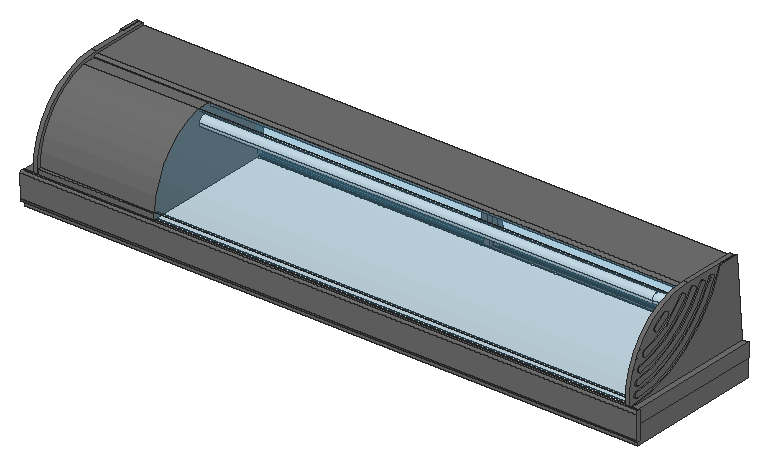
Revit family "QF_HOSHIZAKI_HNC-150BE-L-B", category Specialty Equipment, Revit 2016
Family settings
  Part Type = Normal
  Round Connector Dimension = Use Diameter
  OmniClass Number = 23.40.40.14
  OmniClass Title = Food Service Equipment
  Work Plane-Based = No
  Always vertical = Yes
  Cut with Voids When Loaded = No
  Shared = No
  Room Calculation Point = No
Parameters (values of type "HNC-150BE-L-B_240V/1Ph/50Hz")
  Weight = 37.00 kg
  Volts = 240 V
  URL Cutsheet = ""
  URL = "www.hoshizaki-europe.com"
  Status [instance] = ""
  Specification by User [instance] = ""
  Specification by Manufacturer [instance] = ""
  Serial Number = ""
  Seismic Rating = ""
  SMACNA No = ""
  Revision Code [instance] = ""
  Phase = 1
  Number of Poles = 2
  NAFEM Spec ID Number = ""
  Model = "HNC-150BE-L-B"
  Min Ckt Ampacity = 0 A
  Max Overcurrent Protection = 0 A
  Masterspec = ""
  Manufacturer = "HOSHIZAKI"
  Length Actual = 1500 mm
  Item Number [instance] = ""
  Installed By [instance] = ""
  Identify Quantity as Lot [instance] = no
  Height Actual = 270 mm
  HP power = ""
  Furnished By [instance] = ""
  Foodservice Equipment Identifier [instance] = yes
  FL Amps = 0.63 A
  Electric power = 150 W
  Electric Connection Type [instance] = ""
  Elec Conn RI Height [instance] = 0 mm
  Elec Conn Connection Height [instance] = 18 mm
  Description = "57 LITRE SUSHI CASE, BLACK, LEFT MOUNTED CONDENSER"
  Depth Actual = 345 mm
  Cycle = 50 Hz
  Cost = 0
  Conn Plug = ""
  Conn Conduit = no
  CSI MasterFormat = ""
  Assembly Code = "E1090320"
  Apparent Power = 150 VA
  Accessory = no
Types (2, lengths in mm): name | Volts | FL Amps
  HNC-150BE-L-B_230V/1Ph/50Hz | 230 V | 0.68 A
  HNC-150BE-L-B_240V/1Ph/50Hz | 240 V | 0.63 A
Reference planes
  plane 1 "Center (Front/Back)": y = 0
  plane 2: z = 0
  plane 3 "Center (Left/Right)": x = 0
Forms (mm)
  Extrusion 1, solid, not visible
    sketch origin (28, 0, 17) x (1, 0, 0) y (0, 1, 0)
      loop
        line (0, 0) -> (2, 0) -> (2, 2) -> (0, 2) -> (0, 0)
    from 0 to 2
  Extrusion 2, solid, not visible
    sketch origin (28, 3, 17) x (1, 0, 0) y (0, 1, 0)
      loop
        line (0, 0) -> (2, 0) -> (2, 2) -> (0, 2) -> (0, 0)
    from 0 to 2
Dimensions and locks
  aligned and locked: level to plane 2
Nested families
  nested 1: "QF_HOSHIZAKI_HNC-150BE-L-B_230V_1Ph_50Hz" at (0, 0, 0), type "HNC-150BE-L-B_230V/1Ph/50Hz"
    with Status "", Specification by User "", Show Clearance yes, Revision Code "", Number of Poles 1, Item Number "", Installed By "", Identify Quantity as Lot no, Furnished By "", Foodservice Equipment Identifier yes, Electrical Remarks "", Electric Connection Type "", Elec Conn RI Height 0 mm, Elec Conn Connection Height 19 mm, Conn Conduit yes
Connectors
  electrical at (29, 2, 18), driven by "Apparent Power", driven by "Number of Poles", driven by "Volts"
    settings: on Extrusion 1, index 1, voltage 240 V, apparent load 0 VA, apparent load phase1 150 VA, apparent load phase2 0 VA, apparent load phase3 0 VA, power factor 1, load classification "Other", number of poles 2, system type 31, power factor state 1, is connector primary yes, connector utility no, sub classification motor no, connector description "Electric connection for 'HNC-150BE-L-B'"
  electrical at (29, 5, 18), driven by "Apparent Power", driven by "Number of Poles", driven by "Volts"
    settings: on Extrusion 2, index 2, voltage 240 V, apparent load 0 VA, apparent load phase1 150 VA, apparent load phase2 0 VA, apparent load phase3 0 VA, power factor 1, load classification "Other", number of poles 2, system type 31, power factor state 1, is connector primary no, connector utility no, sub classification motor no, connector description "Electric connection for 'HNC-150BE-L-B'"
Definition of nested family "QF_HOSHIZAKI_HNC-150BE-L-B_230V_1Ph_50Hz"
  Parameters (values of type "HNC-150BE-L-B_230V/1Ph/50Hz")
    Weight in Pounds = 81.5709
    Electric power = 150 W
    Volts = 230 V
    URL Cutsheet = "www.hoshizaki-europe.com"
    URL = "www.hoshizaki-europe.com"
    Status [instance] = ""
    Specification by User [instance] = ""
    Specification by Manufacturer = ""
    Show Clearance [instance] = yes
    Serial Number = ""
    Seismic Rating = ""
    SMACNA No = ""
    Revision Code [instance] = ""
    Phase = 1
    Number of Poles [instance] = 1
    NAFEM Spec ID Number = ""
    Model = "HNC-150BE-L-B"
    Min Ckt Ampacity = 0 A
    Max Overcurrent Protection = 0 A
    Masterspec = ""
    Manufacturer = "HOSHIZAKI"
    Item Number [instance] = ""
    Installed By [instance] = ""
    Identify Quantity as Lot [instance] = no
    HP power = "0.201153000000"
    Furnished By [instance] = ""
    Foodservice Equipment Identifier [instance] = yes
    FL Amps = 20 A
    Electrical Remarks [instance] = ""
    Electric Connection Type [instance] = ""
    Elec Conn RI Height [instance] = 0 mm
    Elec Conn Connection Height [instance] = 19 mm
    Description = "57 LITRE SUSHI CASE, BLACK, LEFT MOUNTED CONDENSER"
    Cycle = 50 Hz
    Conn Plug = ""
    Conn Conduit [instance] = yes
    CSI MasterFormat = ""
    Assembly Code = "E1090320"
    Apparent Power = 150 VA
  Types (2, lengths in mm): name | Phase | Identify Quantity as Lot | Elec Conn Connection Height
    (no name) | 0 | yes | 0
    HNC-150BE-L-B_230V/1Ph/50Hz | 1 | no | 19
  Values of the unnamed type that differ from the named types
    Weight in Pounds = 0
    Electric power = 0 W
    Volts = 0 V
    URL Cutsheet = ""
    URL = ""
    Model = ""
    Manufacturer = ""
    HP power = ""
    FL Amps = 0 A
    Description = ""
    Cycle = 0 Hz
    Apparent Power = 0 VA
  Reference planes
    plane 1 "Back": y = 0
    plane 2: z = 0
    plane 3 "Left": x = 0
    plane 4 "Right": x = 1500
    plane 5 "Front": y = -345
    plane 6 "Top": z = 270
  Forms (mm)
    Extrusion 1, solid
      sketch origin (0, 0, 0) x (0, 1, 0) y (0, 0, 1)
        loop
          line (-335, 11.612) -> (-335, 78.923) -> (-340, 78.923)
          arc (-340, 78.923) -> (-343.536, 77.458) -> (-345, 73.923) r 5
          line (-345, 73.923) -> (-345, 16.612)
          arc (-345, 16.612) -> (-343.536, 13.076) -> (-340, 11.612) r 5
          line (-340, 11.612) -> (-335, 11.612)
      from 0 to 1500
    Extrusion 2, solid
      sketch origin (4, 0, 0) x (0, 1, 0) y (0, 0, 1)
        loop
          line (0, 0) -> (0, 45.267) -> (-335, 45.267) -> (-335, 0) -> (0, 0)
      from 1492 to 0
    Extrusion 3, solid
      sketch origin (1480, 0, 0) x (0, 1, 0) y (0, 0, -1)
        loop
          arc (-335, -77.311) -> (-168.876, -131.23) -> (-62.821, -270) r 293.422
          line (-62.821, -270) -> (-16.482, -270) -> (0, -81.612) -> (0, -45.267) -> (-335, -45.267) -> (-335, -77.311)
        loop
          arc (-83.709, -252.219) -> (-178.479, -139.765) -> (-317.08, -90.602) r 280.922
          arc (-317.08, -90.602) -> (-323.161, -96.407) -> (-318.029, -103.066) r 6.285
          arc (-318.029, -103.066) -> (-185.592, -150.044) -> (-95.039, -257.5) r 268.422
          arc (-95.039, -257.5) -> (-87.673, -258.508) -> (-83.709, -252.219) r 6.865
        loop
          arc (-111.859, -251.686) -> (-195.78, -158.227) -> (-314.06, -115.953) r 255.922
          arc (-314.06, -115.953) -> (-320.31, -121.62) -> (-315.28, -128.393) r 6.28
          arc (-315.28, -128.393) -> (-202.759, -168.597) -> (-122.925, -257.5) r 243.422
          arc (-122.925, -257.5) -> (-115.571, -258.059) -> (-111.859, -251.686) r 6.947
        loop
          arc (-140.937, -251.021) -> (-211.328, -177.909) -> (-306.269, -142.04) r 230.922
          arc (-306.269, -142.04) -> (-312.519, -147.451) -> (-308.057, -154.411) r 6.315
          arc (-308.057, -154.411) -> (-218.228, -188.332) -> (-151.626, -257.5) r 218.422
          arc (-151.626, -257.5) -> (-143.81, -258.338) -> (-140.937, -251.021) r 6.48
        loop
          arc (-173, -248.071) -> (-226.037, -198.16) -> (-293.13, -169.833) r 205.922
          arc (-293.13, -169.833) -> (-298.352, -176.046) -> (-293.527, -182.572) r 6.554
          arc (-293.527, -182.572) -> (-231.849, -209.297) -> (-183.042, -255.516) r 193.422
          arc (-183.042, -255.516) -> (-175.054, -255.795) -> (-173, -248.071) r 6.411
        loop
          arc (-225.482, -229.368) -> (-239.933, -218.945) -> (-255.34, -209.993) r 180.922
          arc (-255.34, -209.993) -> (-262.519, -213.318) -> (-261.08, -221.097) r 6.452
          arc (-261.08, -221.097) -> (-246.737, -229.431) -> (-233.285, -239.134) r 168.422
          arc (-233.285, -239.134) -> (-225.701, -237.193) -> (-225.482, -229.368) r 6.501
      from 0 to 5
    Extrusion 4, solid
      sketch origin (1475, 0, 0) x (0, 1, 0) y (0, 0, -1)
        loop
          line (-335, -45.267) -> (-335, -77.311)
          arc (-335, -77.311) -> (-288.48, -212.569) -> (-157.482, -270) r 178.115
          line (-157.482, -270) -> (-16.482, -270) -> (0, -81.612) -> (0, -45.267) -> (-335, -45.267)
      from 0 to 10
    Extrusion 5, solid
      sketch origin (20, 0, 0) x (0, 1, 0) y (0, 0, 1)
        loop
          line (-335, 77.311) -> (-335, 45.267) -> (0, 45.267) -> (0, 81.612) -> (-16.482, 270) -> (-62.821, 270)
          arc (-62.821, 270) -> (-168.876, 131.23) -> (-335, 77.311) r 293.422
        loop
          arc (-83.709, 252.219) -> (-87.673, 258.508) -> (-95.039, 257.5) r 6.865
          arc (-95.039, 257.5) -> (-185.592, 150.044) -> (-318.029, 103.066) r 268.422
          arc (-318.029, 103.066) -> (-323.161, 96.407) -> (-317.08, 90.602) r 6.285
          arc (-317.08, 90.602) -> (-178.479, 139.765) -> (-83.709, 252.219) r 280.922
        loop
          arc (-111.859, 251.686) -> (-115.571, 258.059) -> (-122.925, 257.5) r 6.947
          arc (-122.925, 257.5) -> (-202.759, 168.597) -> (-315.28, 128.393) r 243.422
          arc (-315.28, 128.393) -> (-320.31, 121.62) -> (-314.06, 115.953) r 6.28
          arc (-314.06, 115.953) -> (-195.78, 158.227) -> (-111.859, 251.686) r 255.922
        loop
          arc (-140.937, 251.021) -> (-143.81, 258.338) -> (-151.626, 257.5) r 6.48
          arc (-151.626, 257.5) -> (-218.228, 188.332) -> (-308.057, 154.411) r 218.422
          arc (-308.057, 154.411) -> (-312.519, 147.451) -> (-306.269, 142.04) r 6.315
          arc (-306.269, 142.04) -> (-211.328, 177.909) -> (-140.937, 251.021) r 230.922
        loop
          arc (-173, 248.071) -> (-175.054, 255.795) -> (-183.042, 255.516) r 6.411
          arc (-183.042, 255.516) -> (-231.849, 209.297) -> (-293.527, 182.572) r 193.422
          arc (-293.527, 182.572) -> (-298.352, 176.046) -> (-293.13, 169.833) r 6.554
          arc (-293.13, 169.833) -> (-226.037, 198.16) -> (-173, 248.071) r 205.922
        loop
          arc (-225.482, 229.368) -> (-225.701, 237.193) -> (-233.285, 239.134) r 6.501
          arc (-233.285, 239.134) -> (-246.737, 229.431) -> (-261.08, 221.097) r 168.422
          arc (-261.08, 221.097) -> (-262.519, 213.318) -> (-255.34, 209.993) r 6.452
          arc (-255.34, 209.993) -> (-239.933, 218.945) -> (-225.482, 229.368) r 180.922
      from 0 to 5
    Extrusion 6, solid
      sketch origin (25, 0, 0) x (0, 1, 0) y (0, 0, 1)
        loop
          line (-335, 45.267) -> (0, 45.267) -> (0, 81.612) -> (-16.482, 270) -> (-157.482, 270)
          arc (-157.482, 270) -> (-288.48, 212.569) -> (-335, 77.311) r 178.115
          line (-335, 77.311) -> (-335, 45.267)
      from 0 to 10
    Extrusion 7, solid
      sketch origin (0, 0, 0) x (0, 1, 0) y (0, 0, 1)
        loop
          line (-335.005, 77.311) -> (-9.983, 77.311) -> (-9.983, 45.267) -> (0, 45.267) -> (0, 81.612) -> (-15.607, 260) -> (-198.787, 260)
          arc (-198.787, 260) -> (-293.716, 198.698) -> (-330.597, 91.885) r 173.115
          line (-330.597, 91.885) -> (-335.597, 91.885) -> (-335.005, 77.311)
      from 35 to 317
    Extrusion 8, solid
      sketch origin (0, 0, 0) x (0, 1, 0) y (0, 0, 1)
        loop
          line (-9.983, 45.267) -> (-9.983, 67.293)
          arc (-9.983, 67.293) -> (-12.951, 74.377) -> (-20.035, 77.311) r 10.017
          line (-20.035, 77.311) -> (-324.983, 77.311)
          arc (-324.983, 77.311) -> (-332.066, 74.377) -> (-335, 67.293) r 10.017
          line (-335, 67.293) -> (-335, 45.267) -> (-9.983, 45.267)
      from 35 to 1465
    Extrusion 9, solid
      sketch origin (0, 0, 0) x (0, 1, 0) y (0, 0, 1)
        loop
          line (-16.044, 265) -> (-157.482, 265)
          arc (-157.482, 265) -> (-162.482, 263.66) -> (-166.142, 260) r 10
          line (-166.142, 260) -> (-166.142, 255) -> (-15.169, 255) -> (-16.044, 265)
      from 35 to 1465
    Extrusion 10, solid
      sketch origin (0, 0, 0) x (0, 1, 0) y (0, 0, 1)
        loop
          line (-166.142, 260) -> (-198.787, 260)
          arc (-198.787, 260) -> (-293.716, 198.698) -> (-330.597, 91.885) r 173.115
          line (-330.597, 91.885) -> (-330.597, 77.395) -> (-325.597, 77.395) -> (-325.597, 91.885)
          arc (-325.597, 91.885) -> (-289.967, 195.377) -> (-198.178, 255) r 168.115
          line (-198.178, 255) -> (-166.142, 255) -> (-166.142, 260)
      from 317 to 1465
    Sweep 11, solid
      path origin (301.784, 0, 230) x (1, 0, 0) y (0, 1, 0)
        loop
          line (1072.551, -50.66) -> (1112.551, -50.66)
          arc (1112.551, -50.66) -> (1140.051, -62.051) -> (1151.442, -89.551) r 38.891
          line (1151.442, -89.551) -> (1151.442, -153.787)
          arc (1151.442, -153.787) -> (1142.122, -176.287) -> (1119.622, -185.607) r 31.82
          line (1119.622, -185.607) -> (14.622, -185.607)
      profile origin (1394.335, -50.66, 230) x (0, 1, 0) y (0, 0, 1)
        loop
          circle (0, 0) r 12.5
    Extrusion 12, solid
      sketch origin (0, 0, 0) x (0, 1, 0) y (0, 0, 1)
        loop
          line (0, 45.267) -> (0, 81.612) -> (-1.743, 101.536) -> (-6.743, 101.536) -> (-5, 81.612) -> (-5, 77.311) -> (-10, 77.311) -> (-10, 45.267) -> (0, 45.267)
      from 317 to 1465
    Extrusion 13, solid
      sketch origin (300, 0, 0) x (0, 1, 0) y (0, 0, 1)
        loop
          line (-6.743, 101.536) -> (-1.743, 101.536) -> (-15.169, 255) -> (-20.169, 255) -> (-6.743, 101.536)
      from 1150 to 1165
    Extrusion 14, solid
      sketch origin (317, -10, 0) x (0, 1, 0) y (0, 0, 1)
        loop
          line (-5, 77.311) -> (-5, 81.612) -> (-20.169, 255) -> (-25.169, 255) -> (-9.917, 80.666) -> (-9.917, 77.311) -> (-5, 77.311)
      from 0 to 550
    Extrusion 15, solid
      sketch origin (0, 0, 0) x (1, 0, 0) y (0, 0, 1)
        loop
          line (20, 45.267) -> (20, 78.923) -> (4, 78.923) -> (4, 45.267) -> (20, 45.267)
      from 0 to 335
    Extrusion 16, solid
      sketch origin (1480, 0, 0) x (1, 0, 0) y (0, 0, 1)
        loop
          line (16, 45.267) -> (16, 78.923) -> (0, 78.923) -> (0, 45.267) -> (16, 45.267)
      from 0 to 335
    Extrusion 17, solid
      sketch origin (30, 5, 19) x (1, 0, 0) y (0, 0, 1)
        loop
          circle (0, 0) r 5
      from 0 to 5
    Extrusion 18, solid
      sketch origin (900, 0, 0) x (0, 1, 0) y (0, 0, 1)
        loop
          line (-5, 77.311) -> (-5, 81.612) -> (-20.169, 255) -> (-25.169, 255) -> (-9.917, 80.666) -> (-9.917, 77.311) -> (-5, 77.311)
      from 0 to 550
    Extrusion 19, solid
      sketch origin (900, 0, 0) x (0, 1, 0) y (0, 0, -1)
        loop
          line (-6.743, -101.536) -> (-4.917, -80.666) -> (-9.917, -80.666) -> (-25.169, -255) -> (-20.169, -255) -> (-14.603, -248.524) -> (-2.401, -109.056) -> (-6.743, -101.536)
      from 16 to 0
    Extrusion 20, solid
      sketch origin (883, -10, 0) x (0, 1, 0) y (0, 0, -1)
        loop
          line (-6.743, -101.536) -> (-4.917, -80.666) -> (-9.917, -80.666) -> (-25.169, -255) -> (-20.169, -255) -> (-14.603, -248.524) -> (-2.401, -109.056) -> (-6.743, -101.536)
      from 16 to 0
  Lines and regions (mm)
    symbolic lines
      curve 1: line (0, -335, 0) -> (0, -345, 0)
      curve 2: line (0, -345, 0) -> (1500, -345, 0)
      curve 3: line (1500, -345, 0) -> (1500, -335, 0)
      curve 4: line (1500, -335, 0) -> (1496, -335, 0)
      curve 5: line (1496, -335, 0) -> (1496, 0, 0)
      curve 6: line (1496, 0, 0) -> (4, 0, 0)
      curve 7: line (35, 0, 0) -> (35, 5, 0)
      curve 8: line (35, 5, 0) -> (25, 5, 0)
      curve 9: line (25, 5, 0) -> (25, 0, 0)
      curve 10: line (4, 0, 0) -> (4, -335, 0)
      curve 11: line (4, -335, 0) -> (0, -335, 0)
      curve 12: line (0, -335, 0) -> (1500, -335, 0)
      curve 13: line (1465, -335, 0) -> (1465, 0, 0)
      curve 14: line (35, -335, 0) -> (35, 0, 0)
      curve 15: line (317, 0, 0) -> (317, -335, 0)
      curve 16: line (1465, -166.142, 0) -> (317, -166.142, 0)
      curve 17: arc (1420, -198.787, 0) -> (1446.027, -189.037, 0) -> (1461.784, -166.142, 0) r 46.31
      curve 18: arc (1435, -166.142, 0) -> (1427.423, -171.229, 0) -> (1418.655, -173.764, 0) r 29.577
      curve 19: line (1418.655, -173.764, 0) -> (317, -173.764, 0)
      curve 20: line (317, -198.787, 0) -> (1420, -198.787, 0)
  Dimensions and locks
    aligned and locked: level to plane 2
  Connectors
    electrical at (30, 5, 19), driven by "Apparent Power", driven by "Volts", driven by "Number of Poles"
      settings: on Extrusion 17, index 2, voltage 230 V, apparent load 0 VA, apparent load phase1 150 VA, apparent load phase2 0 VA, apparent load phase3 0 VA, power factor 1, load classification none, number of poles 1, system type 31, power factor state 1, is connector primary yes, connector utility no, sub classification motor no, connector description "Electrical connection"
